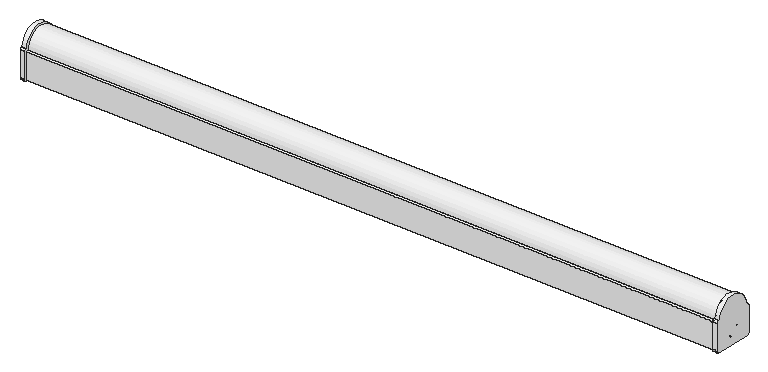
Revit family "0045172 Feilo Sylvania Lighting Fixture SYLBATTEN LED3 NW TP3", category Lighting Fixtures, host Face, Revit 2017
Family settings
  Host = Face
  Round Connector Dimension = Use Diameter
  Part Type = Normal
  OmniClass Number = 23.80.70.00
  OmniClass Title = Lighting
  Cut with Voids When Loaded = No
  Light Source = Yes
  Shared = No
  Room Calculation Point = No
Parameters (values of type "0045172 SYLBATTEN LED3 NW TP3")
  Width_FEILO = 66 mm
  Weight = "2.546 kg"
  Wattage Comments = "n/a"
  Wattage = 26 W
  WarrantyStartDate [instance] = "n/a"
  WarrantyGuarantorParts = "n/a"
  WarrantyDurationUnit = "n/a"
  WarrantyDurationParts = "n/a"
  WarrantyDescription = "n/a"
  built-in parameter 1150110 = 1 (stored number, unit not read)
  Voltage = 230 V
  URL = "http://www.sylvania-lighting.com"
  TypeName = "SYLBATTEN LED3 NW TP3"
  Type Image = <None>
  Type Comments = "n/a"
  built-in parameter 1114217 = 1 (stored number, unit not read)
  Tilt Angle = -90.00°
  built-in parameter 1150109 = 1 (stored number, unit not read)
  built-in parameter 1150134 = 12
  SymReflector_FEILO = no
  built-in parameter 1150113 = 1 (stored number, unit not read)
  SerialNumber [instance] = "n/a"
  PowerFactor = 0
  PowerConsumption = "26 W"
  Photometric Web File = "0045172.ies"
  NominalLength = 1205 mm
  NominalHeight = 76 mm
  NominalDepth = 66 mm
  Name = "SYLBATTEN LED3 NW TP3"
  ModelReference = Name  # "SYLBATTEN LED3 NW TP3"
  ModelNumber = "0045172"
  Model = Name  # "SYLBATTEN LED3 NW TP3"
  Material_4_FEILO = Reflector-Sylvania-Sylbatten-White
  Material_3_FEILO = Diffuser-Sylvania-Sylbatten-Glow
  Material_2_FEILO = Body-Sylvania-Sylbatten-White
  Material_1_FEILO = Body-Sylvania-Sylbatten-White
  Material = "sheet steel housing, polycarbonate diffuser"
  ManufacturerName = "Feilo Sylvania"
  Manufacturer = "Feilo Sylvania"
  LuminousEfficacy = "108.1 lm/W"
  built-in parameter 1150105 = 223.76 (stored number, unit not read)
  Lumens = 2811.9 lm
  LuminaireType = ""
  built-in parameter 1150115 = 1 (stored number, unit not read)
  LightOutputRatio = "100"
  built-in parameter 1150137 = (empty or 0)
  built-in parameter 1150139 = (empty or 0)
  Length_FEILO = 1205 mm
  LampsType = Lamp  # "LED"
  LampNominalLuminous = "2812 lm"
  LampMacAdamStep = "n/a"
  LampColourTemperature = "4000 K"
  LampColourRenderingIndex = "80"
  built-in parameter 1150112 = 1 (stored number, unit not read)
  built-in parameter 1150114 = 1 (stored number, unit not read)
  Lamp = "LED"
  Keynote = "16500"
  InstallationDate [instance] = "n/a"
  InputVoltage = "220-240V~"
  InputNominalFrequency = "n/a"
  built-in parameter 1150132 = (empty or 0)
  built-in parameter 1150102 = (empty or 0)
  built-in parameter 1150107 = 4000 (stored number, unit not read)
  built-in parameter 1150138 = (empty or 0)
  IngressProtection = "IP20"
  ImpactProtectionIndex = "IK07"
  built-in parameter 1150106 = 2.2376 (stored number, unit not read)
  IfcExportType = "IfcLightFixtureType"
  IfcExportAs = "IfcLightFixtureType"
  Height_FEILO = 76 mm
  ExpectedLife = 50000
  Emit from Rectangle Width = Length_FEILO - 16 mm  # 1189 mm
  Emit from Rectangle Length = Width_FEILO - 40 mm  # 26 mm
  Emit Shape Visible in Rendering = no
  ElectricShockClassification = "Class I"
  built-in parameter 1150104 = 10.047 (stored number, unit not read)
  DurationUnit = "hours"
  DocumentationLiterature = "http://www.sylvania-lighting.com/product/en-int/products/0045172"
  DimmingControlOptions = "n/a"
  Dimming Lamp Color Temperature Shift = <None>
  Description = "LED batten, T8 replacement, ease of installation through 2 part push-in design of the housing (safety cable included), through wiring capability (TP3 = 3 core), sheet steel, 2812LM, 26W, 108lm/W, 4000K, drive current: 350mA, CRI 80, 138° wide beam angle, electronic driver (non dimmable), IP20, IK07, 50,000 hrs (L70), (LxWxH) 1205x66x76mm, 5 step MacAdam ellipse, 3kg, white RAL9016, Class 1, 220-240V, energy class: A++, A+, A."
  Default Elevation = 1219.2 mm
  CreatedOn = "1/25/2018"
  CreatedBy = ""
  Cost = 0
  Color Filter = 16777215
  built-in parameter 1114216 [instance] = (empty or 0)
  ClassificationValue = "EF_70_80"
  ClassificationName = "Uniclass2015"
  CapOffset_FEILO = 2 mm
  BarCode [instance] = "n/a"
  built-in parameter 1114218 = 1 (stored number, unit not read)
  BackReflector_FEILO = and(not(AsymReflector_FEILO), SymReflector_FEILO)  # no
  built-in parameter 1150133 = 10 (stored number, unit not read)
  FrontReflector_FEILO = or(AsymReflector_FEILO, SymReflector_FEILO)  # no
  AsymReflector_FEILO = no
  AssetType = "Fixed"
  AssetIdentifier [instance] = "n/a"
  Assembly Code = "D5020200"
  Apparent Load = 26 VA
Reference planes
  plane 1 "Center (Front/Back)": y = 0
  plane 2: z = 0
  plane 3 "Center (Left/Right)": x = 0
  plane 4: x = 602.5
  plane 5: x = -602.5
  plane 6: y = 33
  plane 7: y = -33
  plane 8: z = 76
  plane 9: z = 47
  plane 10: y = -29
  plane 11: y = 29
  plane 12: z = 20
  plane 13: z = 74
  plane 14: y = -31
  plane 15: y = -27
  plane 16: y = 27
  plane 17: y = 31
  plane 18: z = 2
  plane 19: x = -594.5
  plane 20: x = 594.5
  plane 21: z = 49
  plane 22: y = 1
  plane 23: y = -1
  plane 24: z = 21
  plane 25: z = 19
  plane 26: y = -61
  plane 27: y = 61
  plane 28: y = -56
  plane 29: y = 56
  plane 30: z = 91
  plane 31: z = 88
Forms (mm)
  Extrusion 1, solid, material "Body-Sylvania-Sylbatten-White" <- "Material_2_FEILO"
    sketch origin (0, 0, 0) x (0, 1, 0) y (0, 0, 1)
      loop
        line (-31, 2) -> (31, 2) -> (31, 45)
        arc (31, 45) -> (30.414, 46.414) -> (29, 47) r 2
        line (29, 47) -> (27, 47)
        arc (27, 47) -> (0, 74) -> (-27, 47) r 27
        line (-27, 47) -> (-29, 47)
        arc (-29, 47) -> (-30.414, 46.414) -> (-31, 45) r 2
        line (-31, 45) -> (-31, 2)
    from -594.5 to 594.5
  Extrusion 2, solid, material "Body-Sylvania-Sylbatten-White" <- "Material_2_FEILO"
    sketch origin (602.5, 1524, 1219.2) x (0, 1, 0) y (0, 0, 1)
      loop
        arc (-1494, -1219.2) -> (-1491.879, -1218.321) -> (-1491, -1216.2) r 3
        line (-1491, -1216.2) -> (-1491, -1173.2)
        arc (-1491, -1173.2) -> (-1491.879, -1171.079) -> (-1494, -1170.2) r 3
        line (-1494, -1170.2) -> (-1495.069, -1170.2)
        arc (-1495.069, -1170.2) -> (-1524, -1143.2) -> (-1552.931, -1170.2) r 29
        line (-1552.931, -1170.2) -> (-1554, -1170.2)
        arc (-1554, -1170.2) -> (-1556.121, -1171.079) -> (-1557, -1173.2) r 3
        line (-1557, -1173.2) -> (-1557, -1216.2)
        arc (-1557, -1216.2) -> (-1556.121, -1218.321) -> (-1554, -1219.2) r 3
        line (-1554, -1219.2) -> (-1494, -1219.2)
      loop
        arc (-1525, -1189.25) -> (-1531.071, -1192.129) -> (-1533.95, -1198.2) r 10
        line (-1533.95, -1198.2) -> (-1532.944, -1198.2)
        arc (-1532.944, -1198.2) -> (-1530.364, -1192.836) -> (-1525, -1190.256) r 9
        line (-1525, -1190.256) -> (-1525, -1189.25)
      loop
        arc (-1523, -1190.256) -> (-1517.636, -1192.836) -> (-1515.056, -1198.2) r 9
        line (-1515.056, -1198.2) -> (-1514.05, -1198.2)
        arc (-1514.05, -1198.2) -> (-1516.929, -1192.129) -> (-1523, -1189.25) r 10
        line (-1523, -1189.25) -> (-1523, -1190.256)
      loop
        line (-1532.944, -1200.2) -> (-1533.95, -1200.2)
        arc (-1533.95, -1200.2) -> (-1531.071, -1206.271) -> (-1525, -1209.15) r 10
        line (-1525, -1209.15) -> (-1525, -1208.144)
        arc (-1525, -1208.144) -> (-1530.364, -1205.564) -> (-1532.944, -1200.2) r 9
      loop
        arc (-1515.056, -1200.2) -> (-1517.636, -1205.564) -> (-1523, -1208.144) r 9
        line (-1523, -1208.144) -> (-1523, -1209.15)
        arc (-1523, -1209.15) -> (-1516.929, -1206.271) -> (-1514.05, -1200.2) r 10
        line (-1514.05, -1200.2) -> (-1515.056, -1200.2)
    from 0 to -8
  Extrusion 3, solid, material "Body-Sylvania-Sylbatten-White" <- "Material_2_FEILO"
    sketch origin (-602.5, 1524, 1219.2) x (0, 1, 0) y (0, 0, 1)
      loop
        arc (-1495.069, -1170.2) -> (-1524, -1143.2) -> (-1552.931, -1170.2) r 29
        line (-1552.931, -1170.2) -> (-1554, -1170.2)
        arc (-1554, -1170.2) -> (-1556.121, -1171.079) -> (-1557, -1173.2) r 3
        line (-1557, -1173.2) -> (-1557, -1216.2)
        arc (-1557, -1216.2) -> (-1556.121, -1218.321) -> (-1554, -1219.2) r 3
        line (-1554, -1219.2) -> (-1494, -1219.2)
        arc (-1494, -1219.2) -> (-1491.879, -1218.321) -> (-1491, -1216.2) r 3
        line (-1491, -1216.2) -> (-1491, -1173.2)
        arc (-1491, -1173.2) -> (-1491.879, -1171.079) -> (-1494, -1170.2) r 3
        line (-1494, -1170.2) -> (-1495.069, -1170.2)
      loop
        line (-1533.95, -1198.2) -> (-1532.944, -1198.2)
        arc (-1532.944, -1198.2) -> (-1530.364, -1192.836) -> (-1525, -1190.256) r 9
        line (-1525, -1190.256) -> (-1525, -1189.25)
        arc (-1525, -1189.25) -> (-1531.071, -1192.129) -> (-1533.95, -1198.2) r 10
      loop
        line (-1523, -1189.25) -> (-1523, -1190.256)
        arc (-1523, -1190.256) -> (-1517.636, -1192.836) -> (-1515.056, -1198.2) r 9
        line (-1515.056, -1198.2) -> (-1514.05, -1198.2)
        arc (-1514.05, -1198.2) -> (-1516.929, -1192.129) -> (-1523, -1189.25) r 10
      loop
        line (-1514.05, -1200.2) -> (-1515.056, -1200.2)
        arc (-1515.056, -1200.2) -> (-1517.636, -1205.564) -> (-1523, -1208.144) r 9
        line (-1523, -1208.144) -> (-1523, -1209.15)
        arc (-1523, -1209.15) -> (-1516.929, -1206.271) -> (-1514.05, -1200.2) r 10
      loop
        line (-1525, -1209.15) -> (-1525, -1208.144)
        arc (-1525, -1208.144) -> (-1530.364, -1205.564) -> (-1532.944, -1200.2) r 9
        line (-1532.944, -1200.2) -> (-1533.95, -1200.2)
        arc (-1533.95, -1200.2) -> (-1531.071, -1206.271) -> (-1525, -1209.15) r 10
    from 0 to 8
  Extrusion 4, solid, material "Reflector-Sylvania-Sylbatten-White" <- "Material_4_FEILO", visible <- "FrontReflector_FEILO"
    sketch origin (0, 0, 0) x (0, 1, 0) y (0, 0, 1)
      loop
        line (-61.257, 88.429) -> (-60.743, 87.571) -> (-56.621, 90.044)
        arc (-56.621, 90.044) -> (-56.237, 90.099) -> (-55.929, 89.863) r 0.5
        line (-55.929, 89.863) -> (-31.435, 46.753) -> (-30.565, 47.247) -> (-55.312, 90.802)
        arc (-55.312, 90.802) -> (-55.928, 91.275) -> (-56.696, 91.165) r 1
        line (-56.696, 91.165) -> (-61.257, 88.429)
    from -594.5 to 594.5
  Extrusion 5, solid, material "Reflector-Sylvania-Sylbatten-White" <- "Material_4_FEILO", visible <- "BackReflector_FEILO"
    sketch origin (0, 0, 0) x (0, 1, 0) y (0, 0, 1)
      loop
        line (30.565, 47.247) -> (31.435, 46.753) -> (55.932, 89.868)
        arc (55.932, 89.868) -> (56.245, 90.112) -> (56.638, 90.062) r 0.518
        line (56.638, 90.062) -> (61.033, 87.565) -> (61.527, 88.435) -> (56.682, 91.188)
        arc (56.682, 91.188) -> (55.922, 91.282) -> (55.318, 90.812) r 1
        line (55.318, 90.812) -> (30.565, 47.247)
    from -594.5 to 594.5
Lines and regions (mm)
  reference lines
    curve 1: line (0, -61, 88) -> (0, -56, 91)
    curve 2: line (0, -56, 91) -> (0, -31, 47)
    curve 3: line (0, 31, 47) -> (0, 56, 91)
    curve 4: line (0, 56, 91) -> (0, 61.28, 88)
Dimensions and locks
  equal spacing: plane 5, plane 3 "Center (Left/Right)", plane 4
  equal spacing: plane 7, plane 1 "Center (Front/Back)", plane 6
  "Width_FEILO": plane 7 to plane 6
  "Length_FEILO": plane 5 to plane 4
  "Height_FEILO": plane 8 to plane 2
  locked: plane 9 to plane 8 at 29
  equal spacing: plane 10, plane 1 "Center (Front/Back)", plane 11
  locked: plane 7 to plane 10 at 4
  locked: plane 12 to plane 2 at 20
  "CapOffset_FEILO": plane 13 to plane 8
  "CapOffset_FEILO": plane 7 to plane 14
  "CapOffset_FEILO": plane 10 to plane 15
  "CapOffset_FEILO": plane 17 to plane 6
  "CapOffset_FEILO": plane 16 to plane 11
  "CapOffset_FEILO": plane 18 to plane 2
  locked: plane 14 to Extrusion 1 sketch curve at 2
  locked: Extrusion 1 sketch curve to plane 9 at 2  (x2)
  locked: plane 16 to Extrusion 1 sketch curve at 2
  equal spacing: plane 19, plane 3 "Center (Left/Right)", plane 20
  locked: plane 5 to plane 19 at 8
  "CapOffset_FEILO": plane 9 to plane 21
  locked: Extrusion 2 sketch curve to plane 2 at 47
  locked: Extrusion 1 sketch curve to plane 2 at 47
  locked: Extrusion 2 sketch curve to plane 2 at 3  (x2)
  locked: plane 7 to Extrusion 2 sketch curve at 3  (x2)
  locked: Extrusion 2 sketch curve to plane 6 at 3  (x2)
  locked: Extrusion 2 sketch curve to plane 21 at 3  (x2)
  equal spacing: plane 23, plane 1 "Center (Front/Back)", plane 22
  equal spacing: plane 25, plane 12, plane 24
  plane 30 to plane 31 to plane 2 = 3 mm locked, 88 mm locked
  plane 28 to plane 29 = 112 mm
  plane 26 to plane 27 = 122 mm
  aligned and locked: plane 2 to host face
  aligned and locked: level to host face
  aligned and locked: plane 18 to Extrusion 1 sketch curve
  aligned and locked: plane 14 to Extrusion 1 sketch curve
  aligned and locked: Extrusion 1 sketch curve to plane 9  (x2)
  aligned and locked: Extrusion 1 sketch curve to plane 17
  aligned and locked: plane 15 to Extrusion 1 sketch curve
  aligned and locked: plane 16 to Extrusion 1 sketch curve
  aligned and locked: plane 9 to Extrusion 1 sketch curve
  aligned and locked: plane 20 to Extrusion 1
  aligned and locked: level to Extrusion 2 sketch curve
  aligned and locked: Extrusion 2 sketch curve to plane 7
  aligned and locked: plane 21 to Extrusion 2 sketch curve
  aligned and locked: Extrusion 2 sketch curve to plane 21
  aligned and locked: plane 1 "Center (Front/Back)" to Extrusion 2 sketch curve  (x3)
  aligned and locked: Extrusion 2 to Extrusion 1
  aligned and locked: plane 4 to Extrusion 2
  aligned and locked: plane 12 to Extrusion 2 sketch curve  (x2)
  aligned and locked: Extrusion 2 sketch curve to plane 22
  aligned and locked: Extrusion 2 sketch curve to plane 23
  aligned and locked: Extrusion 2 sketch curve to plane 24
  aligned and locked: Extrusion 2 sketch curve to plane 25
  aligned and locked: plane 25 to Extrusion 2 sketch curve
  aligned and locked: plane 22 to Extrusion 2 sketch curve
  aligned and locked: plane 24 to Extrusion 2 sketch curve
  aligned and locked: plane 23 to Extrusion 2 sketch curve  (x2)
  aligned and locked: Extrusion 3 sketch curve to Extrusion 2  (x22)
  aligned and locked: Extrusion 3 to Extrusion 1
  aligned and locked: Extrusion 3 to plane 5
  aligned and locked: plane 19 to Extrusion 3
  aligned and locked: plane 31 to curve 1
  aligned and locked: plane 30 to curve 1
  aligned and locked: plane 14 to curve 2
  aligned and locked: plane 9 to curve 2
  aligned and locked: plane 17 to curve 3
  aligned and locked: plane 30 to curve 3
  aligned and locked: plane 31 to curve 4
  aligned and locked: Extrusion 4 sketch curve to curve 2
  aligned and locked: Extrusion 4 sketch curve to curve 1
  aligned and locked: Extrusion 4 to Extrusion 1
  aligned and locked: Extrusion 1 to Extrusion 4
  aligned and locked: imposter light to plane 1 "Center (Front/Back)"
  aligned and locked: imposter light to plane 3 "Center (Left/Right)"
  aligned and locked: imposter light to plane 13
  aligned and locked: Extrusion 5 sketch curve to curve 4
  aligned and locked: Extrusion 5 sketch curve to curve 3
  aligned and locked: Extrusion 1 to Extrusion 5
  aligned and locked: Extrusion 5 to Extrusion 1
Automatic sketch dimensions
  host sketch curve to host sketch curve = 2438.4 mm  (x2)
  Extrusion 2 sketch curve to Extrusion 2 sketch curve = 0 mm  (x14)
  Extrusion 2 sketch curve to plane 10 = 0.069 mm
  plane 23 to Extrusion 2 sketch curve = 8.95 mm
  Extrusion 2 sketch curve to Extrusion 2 sketch curve = 1.006 mm  (x4)
  Extrusion 2 sketch curve to plane 22 = 7.944 mm
  curve 1 to plane 26 = 0 mm
  curve 2 to plane 28 = 0 mm
  curve 4 to plane 29 = 0 mm
  plane 9 to curve 3 = 0 mm
  plane 26 to Extrusion 4 sketch curve = 0.257 mm
  Extrusion 4 sketch curve to plane 26 = 0.257 mm
  Extrusion 4 sketch curve to plane 30 = 0.165 mm
  plane 28 to Extrusion 4 sketch curve = 0.696 mm
  plane 28 to Extrusion 4 sketch curve = 0.621 mm
  plane 28 to Extrusion 4 sketch curve = 0.364 mm
  plane 28 to Extrusion 4 sketch curve = 0.182 mm
  Extrusion 4 sketch curve to plane 28 = 0.071 mm
  plane 30 to Extrusion 4 sketch curve = 0.198 mm
  Extrusion 4 sketch curve to plane 28 = 0.688 mm
  plane 9 to Extrusion 4 sketch curve = 0.247 mm
  plane 1 "Center (Front/Back)" to Extrusion 4 sketch curve = 31.435 mm
  Extrusion 5 sketch curve to plane 9 = 0.247 mm
  Extrusion 5 sketch curve to plane 1 "Center (Front/Back)" = 30.565 mm
  plane 9 to Extrusion 5 sketch curve = 0.247 mm
  plane 30 to Extrusion 5 sketch curve = 0.188 mm
  plane 29 to Extrusion 5 sketch curve = 0.068 mm
  Extrusion 5 sketch curve to plane 29 = 0.188 mm
  Extrusion 5 sketch curve to plane 29 = 0.382 mm
  Extrusion 5 sketch curve to Extrusion 5 sketch curve = 0.256 mm
  Extrusion 5 sketch curve to plane 30 = 0.188 mm
  Extrusion 5 sketch curve to plane 29 = 0.682 mm
  Extrusion 5 sketch curve to plane 27 = 0.033 mm
  Extrusion 5 sketch curve to plane 27 = 0.527 mm
Connectors
  electrical at (0, 0, 0), driven by "Apparent Load", driven by "PowerFactor", driven by "Voltage"
    settings: index 1, voltage 230 V, apparent load 26 VA, apparent load phase1 0 VA, apparent load phase2 0 VA, apparent load phase3 0 VA, power factor 0, load classification "Lighting", number of poles 1, system type 30, power factor state 1, is connector primary yes, connector utility no, sub classification motor no, connector description ""
